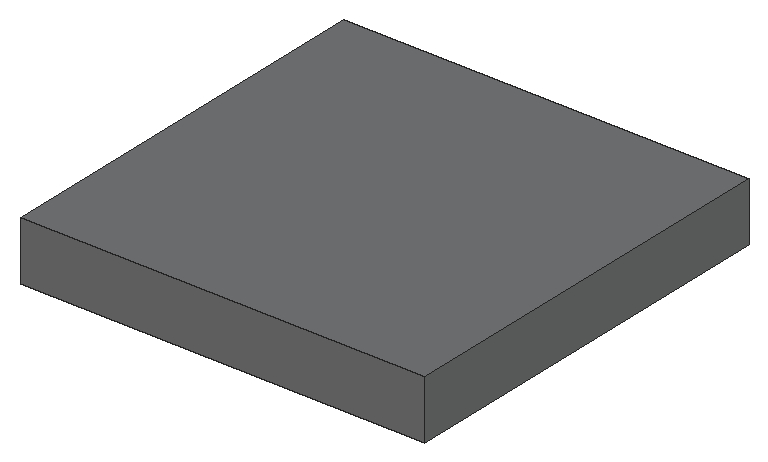
Revit family "Gira_536303", category Electrical Fixtures, host Face, Revit 2017
Family settings
  Host = Face
  Maintain Annotation Orientation = No
  Round Connector Dimension = Use Diameter
  Part Type = Normal
  Cut with Voids When Loaded = No
  Shared = No
  Room Calculation Point = No
Parameters (values of type "S3000 Bedienaufs. Memory System 55 Reinweiß")
  Werkstoffgüte = "sonstige"
  Werkstoff = "sonstige"
  URL = "http://katalog.gira.de/de_DE/datenblatt.html?artikelnr=536303"
  Transparent = "No"
  Region = "DE"
  RAL-Nummer (ähnlich) = "9010 "
  Oberfläche = "sonstige"
  Name = "S3000 Bedienaufs. Memory System 55 Reinweiß"
  Mit LED-Anzeige = "No"
  Mit Abdeckung = "Yes"
  Manufacturer URL = "https://www.gira.de/"
  Keynote = "Sys55_Abdeckung_Schalten und Tasten"
  HeinzeBIM = "https://bimportal.heinze.de/bim/s3000-bedienaufs-memory-system-55-reinweiss/f77254631967d32bc90afb30a0e6e1c2f48b7408"
  Halogenfrei = "Yes"
  HAN = "536303"
  Geeignet für Schalteinsatz = "No"
  Geeignet für Jalousieeinsatz = "Yes"
  Geeignet für Dimmeinsatz = "No"
  GTIN = "4010337027355"
  Farbe = "weiß"
  Default Elevation = 1219.2 mm
  Data sheet (1) = "https://katalog.gira.de/de_DE/download.html?artikelnr=536303"
  Category = "Bedienelement intelligent"
  Available = "Yes"
  Ausführung der Oberfläche = "glänzend"
  Anzahl der Tasten = "2 "
  Anzahl der Betätigungspunkte = "4 "
  Anwendung = "Steuern elektrischer Verbraucher"
  Anthrazit [instance] = Anthrazit
Reference planes
  plane 1 "Center (Front/Back)": y = 0
  plane 2: z = 0
  plane 3 "Center (Left/Right)": x = 0
Forms (mm)
  Extrusion 1, solid, material "Anthrazit" <- "Anthrazit", detail levels fine
    sketch origin (0, 0, 0) x (1, 0, 0) y (0, 1, 0)
      loop
        line (-27.5, 27.5) -> (-27.5, -27.5) -> (27.5, -27.5) -> (27.5, 27.5) -> (-27.5, 27.5)
    from 0 to 8
  Extrusion 2, void
    sketch origin (0, 0, 0) x (1, 0, 0) y (0, 1, 0)
      loop
        line (26, 26) -> (-26, 26) -> (-26, -26) -> (26, -26) -> (26, 26)
    from 0 to 6
  Extrusion 3, solid, material "Anthrazit" <- "Anthrazit", detail levels medium
    sketch origin (0, 0, 0) x (1, 0, 0) y (0, 1, 0)
      loop
        line (-27.5, 27.5) -> (-27.5, -27.5) -> (27.5, -27.5) -> (27.5, 27.5) -> (-27.5, 27.5)
    from 0 to 8
  Extrusion 4, solid, material "Anthrazit" <- "Anthrazit", detail levels medium
    sketch origin (0, 0, 0) x (1, 0, 0) y (0, 1, 0)
      loop
        line (11, -17.5) -> (11, 17.5) -> (-11, 17.5) -> (-11, -17.5) -> (11, -17.5)
    from -6 to 6
  Extrusion 5, solid, material "Anthrazit" <- "Anthrazit", detail levels fine
    sketch origin (0, 0, 0) x (1, 0, 0) y (0, 1, 0)
      loop
        line (11, 17.5) -> (-11, 17.5) -> (-11, 16.5) -> (11, 16.5) -> (11, 17.5)
      loop
        line (-11, -16.5) -> (-11, -17.5) -> (11, -17.5) -> (11, -16.5) -> (-11, -16.5)
    from -4 to 6
  Extrusion 6, solid, material "Anthrazit" <- "Anthrazit", detail levels fine
    sketch origin (0, 0, 0) x (1, 0, 0) y (0, 1, 0)
      loop
        arc (5, 9.347) -> (0, 10.6) -> (-5, 9.347) r 10.6
        line (-5, 9.347) -> (-5, -9.347)
        arc (-5, -9.347) -> (0, -10.6) -> (5, -9.347) r 10.6
        line (5, -9.347) -> (5, 9.347)
    from -6 to 6
  Extrusion 7, solid, material "Anthrazit" <- "Anthrazit", detail levels coarse
    sketch origin (0, 0, 0) x (1, 0, 0) y (0, 1, 0)
      loop
        line (-27.5, 27.5) -> (-27.5, -27.5) -> (27.5, -27.5) -> (27.5, 27.5) -> (-27.5, 27.5)
    from -6 to 8
Cuts and joins
  Extrusion 2 cuts Extrusion 1
Dimensions and locks
  aligned and locked: plane 2 to host face
  aligned and locked: level to host face
